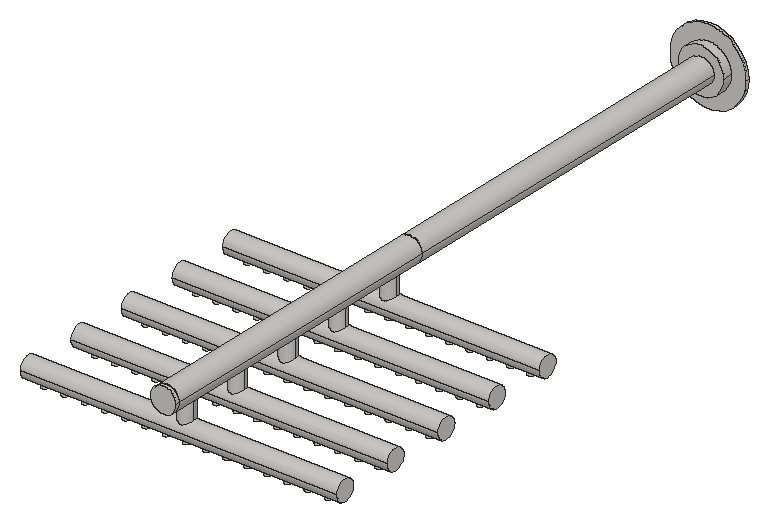
Revit family "050", category Generic Models, Revit 2012
Parameters (values of type "Standard")
  e-mail = "info@vola.com"
  URL = "http://vola.com"
  Telephone = "+45 7023 5500"
  Quality management standard = "ISO 9001"
  Organisation no. / DUNS no. = "17531328"
  Occupational health and safety management standard = "ISO 18001"
  Mounting Instructions = "http://vola.com/service/producturl.ashx?name=050"
  Model = "050"
  Materials and components information = "http://vola.com/service/producturl.ashx?name=050"
  Manufacturer = "VOLA A/S"
  Maintenance Instructions = "http://vola.com/service/producturl.ashx?name=050"
  Guarantee = "2 years"
  Flow = "23,00 l/min"
  Environmental management standard = "ISO 14000"
  Connection - All relevant connections = ""
  Approvals = "http://vola.com/service/producturl.ashx?name=050"
Reference planes
  plane 1 "Center (Front/Back)": y = 0
  plane 2: z = 0
  plane 3 "Center (Left/Right)": x = 0
  plane 4: y = -317
Forms (mm)
  Extrusion 1, solid, material "Stainless Steel"
    sketch origin (0, 0, 0) x (1, 0, 0) y (0, 0, 1)
      loop
        circle (0, 0) r 30
    from 0 to 2
  Extrusion 2, solid, material "Stainless Steel"
    sketch origin (0, -2, 0) x (1, 0, 0) y (0, 0, 1)
      loop
        circle (0, 0) r 18
    from 0 to 7
  Extrusion 3, solid, material "Stainless Steel"
    sketch origin (0, -9, 0) x (1, 0, 0) y (0, 0, 1)
      loop
        circle (0, 0) r 10
    from 0 to 288
  Extrusion 4, solid, material "Stainless Steel"
    sketch origin (0, -297, 0) x (1, 0, 0) y (0, 0, 1)
      loop
        circle (0, 0) r 10
    from 0 to 240
  Extrusion 5, solid, material "Stainless Steel"
    sketch origin (0, -537, 0) x (1, 0, 0) y (0, 0, 1)
      loop
        circle (0, 0) r 10
    from 0 to 3
  Extrusion 6, solid, material "Stainless Steel"
    sketch origin (0, 0, 0) x (1, 0, 0) y (0, 1, 0)
      loop
        circle (0, -317) r 6
    from -30 to 0
  Extrusion 7, solid, material "Stainless Steel"
    sketch origin (0, -50, 0) x (1, 0, 0) y (0, 1, 0)
      loop
        circle (0, -317) r 6
    from -30 to 0
  Extrusion 8, solid, material "Stainless Steel"
    sketch origin (0, -100, 0) x (1, 0, 0) y (0, 1, 0)
      loop
        circle (0, -317) r 6
    from -30 to 0
  Extrusion 9, solid, material "Stainless Steel"
    sketch origin (0, -150, 0) x (1, 0, 0) y (0, 1, 0)
      loop
        circle (0, -317) r 6
    from -30 to 0
  Extrusion 10, solid, material "Stainless Steel"
    sketch origin (0, -200, 0) x (1, 0, 0) y (0, 1, 0)
      loop
        circle (0, -317) r 6
    from -30 to 0
  Extrusion 11, solid, material "Stainless Steel"
    sketch origin (0, 0, 0) x (0, 1, 0) y (0, 0, 1)
      loop
        circle (-317, -30) r 8
    from -125 to 125
  Extrusion 12, solid, material "Stainless Steel"
    sketch origin (0, -50, 0) x (0, 1, 0) y (0, 0, 1)
      loop
        circle (-317, -30) r 8
    from -125 to 125
  Extrusion 13, solid, material "Stainless Steel"
    sketch origin (0, -100, 0) x (0, 1, 0) y (0, 0, 1)
      loop
        circle (-317, -30) r 8
    from -125 to 125
  Extrusion 14, solid, material "Stainless Steel"
    sketch origin (0, -150, 0) x (0, 1, 0) y (0, 0, 1)
      loop
        circle (-317, -30) r 8
    from -125 to 125
  Extrusion 15, solid, material "Stainless Steel"
    sketch origin (0, -200, 0) x (0, 1, 0) y (0, 0, 1)
      loop
        circle (-317, -30) r 8
    from -125 to 125
  Extrusion 16, solid, material "Stainless Steel"
    sketch origin (0, 0, 0) x (1, 0, 0) y (0, 1, 0)
      loop
        circle (0, -517) r 2.5
      loop
        circle (16, -517) r 2.5
      loop
        circle (32, -517) r 2.5
      loop
        circle (48, -517) r 2.5
      loop
        circle (64, -517) r 2.5
      loop
        circle (80, -517) r 2.5
      loop
        circle (96, -517) r 2.5
      loop
        circle (112, -517) r 2.5
      loop
        circle (-16, -517) r 2.5
      loop
        circle (-32, -517) r 2.5
      loop
        circle (-48, -517) r 2.5
      loop
        circle (-64, -517) r 2.5
      loop
        circle (-80, -517) r 2.5
      loop
        circle (-96, -517) r 2.5
      loop
        circle (-112, -517) r 2.5
    from -37 to -40
  Extrusion 17, solid, material "Stainless Steel"
    sketch origin (0, 50, 0) x (1, 0, 0) y (0, 1, 0)
      loop
        circle (0, -517) r 2.5
      loop
        circle (16, -517) r 2.5
      loop
        circle (32, -517) r 2.5
      loop
        circle (48, -517) r 2.5
      loop
        circle (64, -517) r 2.5
      loop
        circle (80, -517) r 2.5
      loop
        circle (96, -517) r 2.5
      loop
        circle (112, -517) r 2.5
      loop
        circle (-16, -517) r 2.5
      loop
        circle (-32, -517) r 2.5
      loop
        circle (-48, -517) r 2.5
      loop
        circle (-64, -517) r 2.5
      loop
        circle (-80, -517) r 2.5
      loop
        circle (-96, -517) r 2.5
      loop
        circle (-112, -517) r 2.5
    from -37 to -40
  Extrusion 18, solid, material "Stainless Steel"
    sketch origin (0, 100, 0) x (1, 0, 0) y (0, 1, 0)
      loop
        circle (0, -517) r 2.5
      loop
        circle (16, -517) r 2.5
      loop
        circle (32, -517) r 2.5
      loop
        circle (48, -517) r 2.5
      loop
        circle (64, -517) r 2.5
      loop
        circle (80, -517) r 2.5
      loop
        circle (96, -517) r 2.5
      loop
        circle (112, -517) r 2.5
      loop
        circle (-16, -517) r 2.5
      loop
        circle (-32, -517) r 2.5
      loop
        circle (-48, -517) r 2.5
      loop
        circle (-64, -517) r 2.5
      loop
        circle (-80, -517) r 2.5
      loop
        circle (-96, -517) r 2.5
      loop
        circle (-112, -517) r 2.5
    from -37 to -40
  Extrusion 19, solid, material "Stainless Steel"
    sketch origin (0, 150, 0) x (1, 0, 0) y (0, 1, 0)
      loop
        circle (0, -517) r 2.5
      loop
        circle (16, -517) r 2.5
      loop
        circle (32, -517) r 2.5
      loop
        circle (48, -517) r 2.5
      loop
        circle (64, -517) r 2.5
      loop
        circle (80, -517) r 2.5
      loop
        circle (96, -517) r 2.5
      loop
        circle (112, -517) r 2.5
      loop
        circle (-16, -517) r 2.5
      loop
        circle (-32, -517) r 2.5
      loop
        circle (-48, -517) r 2.5
      loop
        circle (-64, -517) r 2.5
      loop
        circle (-80, -517) r 2.5
      loop
        circle (-96, -517) r 2.5
      loop
        circle (-112, -517) r 2.5
    from -37 to -40
  Extrusion 20, solid, material "Stainless Steel"
    sketch origin (0, 200, 0) x (1, 0, 0) y (0, 1, 0)
      loop
        circle (0, -517) r 2.5
      loop
        circle (16, -517) r 2.5
      loop
        circle (32, -517) r 2.5
      loop
        circle (48, -517) r 2.5
      loop
        circle (64, -517) r 2.5
      loop
        circle (80, -517) r 2.5
      loop
        circle (96, -517) r 2.5
      loop
        circle (112, -517) r 2.5
      loop
        circle (-16, -517) r 2.5
      loop
        circle (-32, -517) r 2.5
      loop
        circle (-48, -517) r 2.5
      loop
        circle (-64, -517) r 2.5
      loop
        circle (-80, -517) r 2.5
      loop
        circle (-96, -517) r 2.5
      loop
        circle (-112, -517) r 2.5
    from -37 to -40
Cuts and joins
  joined: Extrusion 4, Extrusion 6, Extrusion 7, Extrusion 8, Extrusion 9, Extrusion 10, Extrusion 11, Extrusion 12, Extrusion 13, Extrusion 14, Extrusion 15, Extrusion 16, Extrusion 17, Extrusion 18, Extrusion 19, Extrusion 20
Dimensions and locks
  aligned and locked: plane 2 to level
